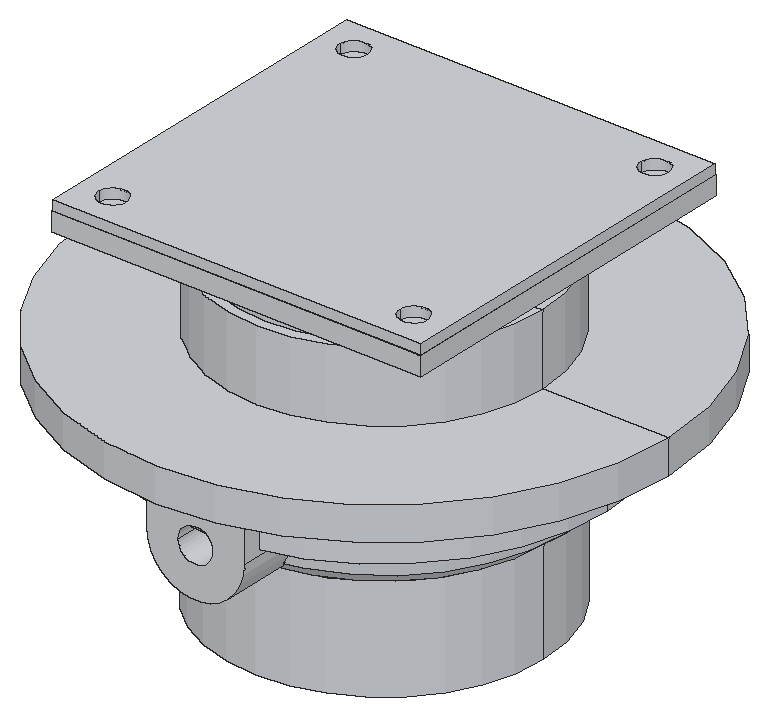
Revit family
Parameters (values of type "MIFAB - F1100-C-S5-3 - Floor Drain with 5 x 5 square strainer")
  Rad = 0' - 2"
  Model = "F1100-C-S5-3 "
  Manufacturer = "MIFAB"
  Description = "Floor Drain with 5\" x 5\" square strainer"
  Assembly Code = ""
Reference planes (in)
  plane 1 "Center (Front/Back)": y = 0
  plane 2: z = 0
  plane 3 "Center (Left/Right)": x = 0
Forms (in)
  Revolve 1, solid
    sketch origin (32.50387, 0, -0.81272) x (-1, 0, 0) y (0, 0, -1)
      loop
        line (34.50387, 1.05222) -> (34.86608, 0.76208) -> (34.86608, -0.22217) -> (34.39971, -0.22217) -> (34.39971, -2.22679) -> (34.59762, -2.22679) -> (34.59762, -1.7997) -> (34.73825, -1.7997) -> (34.73825, -0.81272) -> (36.50387, -0.81272) -> (36.50387, -0.34028) -> (35.6445, -0.34028) -> (35.6445, 0.40972) -> (35.11765, 0.40972) -> (35.06686, 0.88019) -> (34.75387, 1.13091) -> (34.75387, 2.58492) -> (34.50387, 2.58492) -> (34.50387, 1.05222)
      axis (32.50387, 2.58492) -> (32.50387, -2.22679)
    angle from 0 to 360
  Extrusion 2, solid
    sketch origin (0, 0, 1.41406) x (1, 0, 0) y (0, 1, 0)
      loop
        line (-2.59245, -2.59245) -> (2.59245, -2.59245) -> (2.59245, 2.59245) -> (-2.59245, 2.59245) -> (-2.59245, -2.59245)
      loop
        circle (0, 0) r 1.89583
    from 0 to 0.26562
  Extrusion 3, solid
    sketch origin (0, 0, 1.41406) x (1, 0, 0) y (0, 1, 0)
      loop
        line (-2.57943, -2.57943) -> (2.57943, -2.57943) -> (2.57943, 2.57943) -> (-2.57943, 2.57943) -> (-2.57943, -2.57943)
      loop
        circle (2.11327, 2.11327) r 0.19531
      loop
        circle (-2.11327, 2.11327) r 0.19531
      loop
        circle (2.11327, -2.11327) r 0.19531
      loop
        circle (-2.11327, -2.11327) r 0.19531
    from 0.26562 to 0.40104
  Extrusion 4, solid
    sketch origin (0, 0, 1.8151) x (1, 0, 0) y (0, 0, 1)
      loop
        line (-0.6875, -2.28754) -> (-0.6875, -3.12087)
        arc (-0.6875, -3.12087) -> (0, -3.80837) -> (0.6875, -3.12087) r 0.6875
        line (0.6875, -3.12087) -> (0.6875, -2.28754) -> (-0.6875, -2.28754)
      loop
        circle (0, -3.12087) r 0.24479
    from 2.16309 to 3.30173
  Revolve 5, void
    sketch origin (0, 0, 0) x (1, 0, 0) y (0, 0, 1)
      loop
        line (-4, 0) -> (-4, -12) -> (0, -12) -> (0, 0) -> (-4, 0)
      axis (0, -12) -> (0, 0)
    angle from 0 to 360
Cuts and joins
  Revolve 5 cuts Extrusion 4
Lines and regions (in)
  sketch lines
    curve 1: line (-60, 60, 0) -> (60, 60, 0)
    curve 2: line (-60, 60, 0) -> (-60, -60, 0)
    curve 3: line (-60, -60, 0) -> (60, -60, 0)
    curve 4: line (60, 60, 0) -> (60, -60, 0)
Dimensions and locks (in)
  equal spacing: curve 3, plane 1 "Center (Front/Back)", curve 1
  equal spacing: curve 4, plane 3 "Center (Left/Right)", curve 2
  curve 3 to curve 1 = 10' - 0"
  curve 2 to curve 4 = 10' - 0"
  "Rad": plane 3 "Center (Left/Right)" to Revolve 1 sketch curve
  aligned and locked: plane 3 "Center (Left/Right)" to Revolve 1 sketch curve
  aligned and locked: Revolve 5 sketch curve to level
  aligned and locked: Revolve 5 sketch curve to host floor
  aligned and locked: Revolve 5 sketch curve to Revolve 1
Automatic sketch dimensions
  Revolve 1 sketch curve to level = 0' - 0.47244"
  Revolve 1 sketch curve to level = 0' - 0.59055"
  Revolve 1 sketch curve to Revolve 1 sketch curve = 0' - 0.10417"
  Revolve 1 sketch curve to Revolve 1 sketch curve = 0' - 0.19792"
  Revolve 1 sketch curve to Revolve 1 sketch curve = 0' - 0.33854"
  Revolve 1 sketch curve to Revolve 1 sketch curve = 0' - 0 1/4"
  Revolve 1 sketch curve to Revolve 1 sketch curve = 0' - 0.46637"
  Revolve 1 sketch curve to level = 0' - 1.69291"
  Revolve 1 sketch curve to Revolve 1 sketch curve = 0' - 0.20079"
  Revolve 1 sketch curve to level = 0' - 1.22244"
  Revolve 1 sketch curve to Revolve 1 sketch curve = 0' - 0.25157"
  Revolve 1 sketch curve to Revolve 1 sketch curve = 0' - 0.52685"
  Revolve 1 sketch curve to Revolve 1 sketch curve = 0' - 0 55/64"
  Revolve 1 sketch curve to Revolve 1 sketch curve = 0' - 0.47244"
  Revolve 1 sketch curve to Revolve 1 sketch curve = 0' - 0.98698"
  Revolve 1 sketch curve to Revolve 1 sketch curve = 0' - 0.42708"
  Revolve 1 sketch curve to level = 0' - 1.36767"
  Revolve 1 sketch curve to Revolve 1 sketch curve = 0' - 0.11811"
  Revolve 1 sketch curve to Revolve 1 sketch curve = 0' - 0.29014"
  Revolve 1 sketch curve to Revolve 1 sketch curve = 0' - 0.07869"
  Revolve 1 sketch curve to Revolve 1 sketch curve = 0' - 0.8458"
  Revolve 1 sketch curve to Revolve 1 sketch curve = 0' - 1.45401"
  Extrusion 2 sketch curve to plane 1 "Center (Front/Back)" = 0' - 0"
  Extrusion 2 sketch curve to plane 3 "Center (Left/Right)" = 0' - 0"
  Extrusion 2 sketch curve to plane 3 "Center (Left/Right)" = 0' - 2.59245"
  plane 3 "Center (Left/Right)" to Extrusion 2 sketch curve = 0' - 2.59245"
  plane 1 "Center (Front/Back)" to Extrusion 2 sketch curve = 0' - 2.59245"
  Extrusion 2 sketch curve to plane 1 "Center (Front/Back)" = 0' - 2.59245"
  Extrusion 3 sketch curve to plane 3 "Center (Left/Right)" = 0' - 2.57943"
  Extrusion 3 sketch curve to Extrusion 3 sketch curve = 0' - 0.46616"  (x6)
  plane 3 "Center (Left/Right)" to Extrusion 3 sketch curve = 0' - 2 29/256"  (x2)
  plane 1 "Center (Front/Back)" to Extrusion 3 sketch curve = 0' - 2.57943"
  Extrusion 3 sketch curve to plane 1 "Center (Front/Back)" = 0' - 2 29/256"  (x2)
  Extrusion 4 sketch curve to Extrusion 4 sketch curve = 0' - 0"  (x2)
  Extrusion 4 sketch curve to level = 0' - 0.47244"
  Extrusion 4 sketch curve to plane 3 "Center (Left/Right)" = 0' - 0"
  Extrusion 4 sketch curve to plane 3 "Center (Left/Right)" = 0' - 0 11/16"
  Extrusion 4 sketch curve to level = 0' - 1.30577"
  Revolve 5 sketch curve to plane 3 "Center (Left/Right)" = 0' - 0"  (x2)
  Revolve 5 sketch curve to Revolve 5 sketch curve = 0' - 4"
  Revolve 5 sketch curve to Revolve 5 sketch curve = 0' - 1"
  radius of Extrusion 2 sketch curve = 0' - 1.89583"
  radius of Extrusion 3 sketch curve = 0' - 0 25/128"  (x4)
  radius of Extrusion 4 sketch curve = 0' - 0.24479"
Connectors (in)
  piping at (0, 0, -3.39764), driven by "Rad"
    settings: on Revolve 1, index 1
